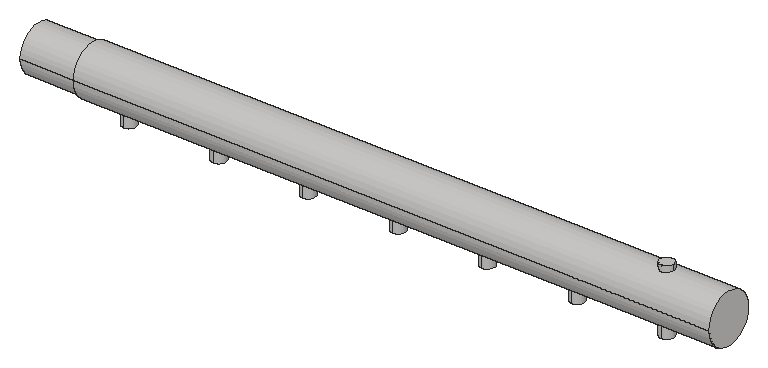
Revit family "BIMLIB_Коллектор_462_7_РОСТерм", category Оборудование, Revit 2017
Family settings
  Размер круглого соединителя = Использовать диаметр
  Тип детали = Нормальный
  На основе рабочей плоскости = Нет
  Всегда вертикально = Да
  При загрузке вырезать с полостями = Нет
  Общий = Нет
  Точка расчета площади = Нет
Parameters (values of type "Коллектор HEIZEN 462 Ду50 на 7 выходов")
  РТ_Шаг = 100 mm
  РТ_l = 100 mm  # constant formula
  РТ_R1 = РТ_R + 5 mm  # 32 mm
  РТ_R = 27 mm
  РТ_R_низ = РТ_DN_низ / 2  # 7.5 mm
  РТ_DN3 = 15 mm  # constant formula
  Описание = "Коллекторы Heizen изготовлены из высококачественной латуни и нержавеющей стали, что исключает риск протечек. Коллекторы могут быть оснащены различными видами арматуры: ручными балансировочными клапанами,ручными запорными клапанами, термостатическими клапанами, расходомерами, воздухоотводчиками и дренажными кранами."
  РТ_DN_низ = 15 mm  # constant formula
  РТ_DN_бок = 50 mm
  Изготовитель = "РОСТерм"  # constant formula
  URL = "http://rostherm.ru/"
  BL_Разработано = "support@bimlib.ru"  # constant formula
  BL_Email = "rostherm@bimlib.ru"  # constant formula
  BL_BIM library = "https://bimlib.pro/manufacturer/rosterm/1632/"
  ADSK_Расход жидкости [instance] = 0.0 L/s
  ADSK_Примечание = ""
  ADSK_Позиция = ""
  ADSK_Обозначение = "ГОСТ 12.2.063-2015"  # constant formula
  ADSK_Наименование краткое = "HEIZEN 462 Ду50"
  ADSK_Наименование = "Коллектор HEIZEN 462 для систем отопения, горячего и холодного водоснабжения сварной Ду50 на 7 выходов"
  ADSK_Материал = BIMLIB_Нержавеющая_сталь_РОСТерм
  ADSK_Масса_Текст = ""
  ADSK_Масса = 0
  ADSK_Марка = "HEIZEN 462"  # constant formula
  ADSK_Код изделия = "462-50-10-07"
  ADSK_Завод-изготовитель = "Heizen"  # constant formula
  ADSK_Единица измерения = "шт."  # constant formula
  ADSK_Версия Revit = "2017"  # constant formula
  ADSK_URL страницы изделия = "http://rostherm.ru/kollektory/"
  ADSK_URL документации изделия = "http://rostherm.ru/"
Types (4, lengths in mm): name | РТ_R1 | РТ_R | РТ_DN_бок | ADSK_Наименование краткое | ADSK_Наименование | ADSK_Код изделия
  Коллектор HEIZEN 462 Ду50 на 7 выходов | 32 | 27 | 50 | "HEIZEN 462 Ду50" | "Коллектор HEIZEN 462 для систем отопения, горячего и холодного водоснабжения сварной Ду50 на 7 выходов" | "462-50-10-07"
  Коллектор HEIZEN 462 Ду40 на 7 выходов | 27 | 22 | 40 | "HEIZEN 462 Ду40" | "Коллектор HEIZEN 462 для систем отопения, горячего и холодного водоснабжения сварной Ду40 на 7 выходов" | "462-40-10-07"
  Коллектор HEIZEN 462 Ду32 на 7 выходов | 23 | 18 | 32 | "HEIZEN 462 Ду32" | "Коллектор HEIZEN 462 для систем отопения, горячего и холодного водоснабжения сварной Ду32 на 7 выходов" | "462-32-10-07"
  Коллектор HEIZEN 462 Ду25 на 7 выходов | 20 | 15 | 25 | "HEIZEN 462 Ду25" | "Коллектор HEIZEN 462 для систем отопения, горячего и холодного водоснабжения сварной Ду25 на 7 выходов" | "462-25-10-07"
Reference planes
  plane 1 "По центру (Вперед/Назад)": y = 0
  plane 2: z = 0
  plane 3 "По центру (Влево/Вправо)": x = 0
  plane 4: x = 100
  plane 5: x = 1185
  plane 6: x = 60
  plane 7: z = 32
Forms (mm)
  Extrusion 1, solid, material "BIMLIB_Нержавеющая_сталь_РОСТерм" <- "ADSK_Материал", detail levels medium+fine
    sketch origin (65, 0, 0) x (0, 1, 0) y (0, 0, 1)
      loop
        circle (0, 0) r 27
    from -5 to 695
  Sweep 2, solid, material "BIMLIB_Нержавеющая_сталь_РОСТерм" <- "ADSK_Материал", detail levels medium+fine
    path origin (65, 0, 7.5) x (1, 0, 0) y (0, 0, 1)
      loop
        line (35, -7.5) -> (35, -47.5)
    profile origin (100, 0, -20) x (0, -1, 0) y (1, 0, 0)
      loop
        circle (0, 0) r 7.5
  Sweep 3, solid, material "BIMLIB_Нержавеющая_сталь_РОСТерм" <- "ADSK_Материал", detail levels medium+fine
    path origin (163.636, 0, 7.5) x (1, 0, 0) y (0, 0, 1)
      loop
        line (35, -7.5) -> (35, -47.5)
    profile origin (198.636, 0, -20) x (0, -1, 0) y (1, 0, 0)
      loop
        circle (0, 0) r 7.5
  Sweep 4, solid, material "BIMLIB_Нержавеющая_сталь_РОСТерм" <- "ADSK_Материал", detail levels medium+fine
    path origin (262.273, 0, 7.5) x (1, 0, 0) y (0, 0, 1)
      loop
        line (35, -7.5) -> (35, -47.5)
    profile origin (297.273, 0, -20) x (0, -1, 0) y (1, 0, 0)
      loop
        circle (0, 0) r 7.5
  Sweep 5, solid, material "BIMLIB_Нержавеющая_сталь_РОСТерм" <- "ADSK_Материал", detail levels medium+fine
    path origin (360.909, 0, 7.5) x (1, 0, 0) y (0, 0, 1)
      loop
        line (35, -7.5) -> (35, -47.5)
    profile origin (395.909, 0, -20) x (0, -1, 0) y (1, 0, 0)
      loop
        circle (0, 0) r 7.5
  Sweep 6, solid, material "BIMLIB_Нержавеющая_сталь_РОСТерм" <- "ADSK_Материал", detail levels medium+fine
    path origin (459.545, 0, 7.5) x (1, 0, 0) y (0, 0, 1)
      loop
        line (35, -7.5) -> (35, -47.5)
    profile origin (494.545, 0, -20) x (0, -1, 0) y (1, 0, 0)
      loop
        circle (0, 0) r 7.5
  Sweep 7, solid, material "BIMLIB_Нержавеющая_сталь_РОСТерм" <- "ADSK_Материал", detail levels medium+fine
    path origin (558.182, 0, 7.5) x (1, 0, 0) y (0, 0, 1)
      loop
        line (35, -7.5) -> (35, -47.5)
    profile origin (593.182, 0, -20) x (0, -1, 0) y (1, 0, 0)
      loop
        circle (0, 0) r 7.5
  Sweep 8, solid, material "BIMLIB_Нержавеющая_сталь_РОСТерм" <- "ADSK_Материал", detail levels medium+fine
    path origin (656.818, 0, 7.5) x (1, 0, 0) y (0, 0, 1)
      loop
        line (35, -7.5) -> (35, -47.5)
    profile origin (691.818, 0, -20) x (0, -1, 0) y (1, 0, 0)
      loop
        circle (0, 0) r 7.5
  Extrusion 9, solid, material "BIMLIB_Нержавеющая_сталь_РОСТерм" <- "ADSK_Материал", detail levels medium+fine
    sketch origin (50, 0, 0) x (0, 1, 0) y (0, 0, 1)
      loop
        circle (0, 0) r 25
    from -50 to 10
  Extrusion 10, solid, material "BIMLIB_Нержавеющая_сталь_РОСТерм" <- "ADSK_Материал", detail levels medium+fine
    sketch origin (-493.182, 0, 0) x (1, 0, 0) y (0, 1, 0)
      loop
        circle (1185, 0) r 7.5
    from 0 to 32
Lines and regions (mm)
  model lines, detail levels coarse
    curve 1: line (0, 0, 0) -> (760, 0, 0)
    curve 2: line (100, 0, 0) -> (100, 0, -40)
    curve 3: line (198.636, 0, 0) -> (198.636, 0, -40)
    curve 4: line (297.273, 0, 0) -> (297.273, 0, -40)
    curve 5: line (395.909, 0, 0) -> (395.909, 0, -40)
    curve 6: line (494.545, 0, 0) -> (494.545, 0, -40)
    curve 7: line (593.182, 0, 0) -> (593.182, 0, -40)
    curve 8: line (691.818, 0, 0) -> (691.818, 0, -40)
Dimensions and locks
  "РТ_l": plane 4 to plane 3 "По центру (Влево/Вправо)"
  Sweep 2 sketch curve to Sweep 2 sketch curve = 40 mm
  Sweep 3 sketch curve to Sweep 3 sketch curve = 40 mm
  Sweep 4 sketch curve to Sweep 4 sketch curve = 40 mm
  Sweep 5 sketch curve to Sweep 5 sketch curve = 40 mm
  Sweep 6 sketch curve to Sweep 6 sketch curve = 40 mm
  Sweep 7 sketch curve to Sweep 7 sketch curve = 40 mm
  Sweep 8 sketch curve to Sweep 8 sketch curve = 40 mm
  locked: plane 4 to plane 6 at 40
  "РТ_R1": plane 7 to level
  "РТ_R": radius of Extrusion 1 sketch curve
  "РТ_R_низ": radius of Sweep 2 sketch curve
  "РТ_R_низ": radius of Sweep 3 sketch curve
  "РТ_R_низ": radius of Sweep 4 sketch curve
  "РТ_R_низ": radius of Sweep 5 sketch curve
  "РТ_R_низ": radius of Sweep 6 sketch curve
  "РТ_R_низ": radius of Sweep 7 sketch curve
  "РТ_R_низ": radius of Sweep 8 sketch curve
  "РТ_DN_бок": diameter of Extrusion 9 sketch curve
  "РТ_DN_низ": diameter of Extrusion 10 sketch curve
  aligned and locked: level to plane 2
  aligned and locked: Extrusion 1 to plane 6
  aligned and locked: Extrusion 9 to plane 3 "По центру (Влево/Вправо)"
  aligned and locked: Extrusion 9 to Extrusion 1
  aligned and locked: plane 7 to Extrusion 10
  aligned and locked: curve 1 to Extrusion 1
Automatic sketch dimensions
  Sweep 2 sketch curve to profile plane = 0 mm
  profile plane to Sweep 2 sketch curve = 0 mm
  Sweep 3 sketch curve to profile plane = 0 mm
  profile plane to Sweep 3 sketch curve = 0 mm
  Sweep 4 sketch curve to profile plane = 0 mm
  profile plane to Sweep 4 sketch curve = 0 mm
  Sweep 5 sketch curve to profile plane = 0 mm
  profile plane to Sweep 5 sketch curve = 0 mm
  Sweep 6 sketch curve to profile plane = 0 mm
  profile plane to Sweep 6 sketch curve = 0 mm
  Sweep 7 sketch curve to profile plane = 0 mm
  profile plane to Sweep 7 sketch curve = 0 mm
  Sweep 8 sketch curve to profile plane = 0 mm
  profile plane to Sweep 8 sketch curve = 0 mm
  Extrusion 1 sketch curve to level = 0 mm
  Extrusion 1 sketch curve to plane 1 "По центру (Вперед/Назад)" = 0 mm
  curve 1 to plane 3 "По центру (Влево/Вправо)" = 0 mm
  curve 2 to plane 4 = 0 mm
  curve 2 to curve 3 = 98.636 mm
  curve 3 to curve 4 = 98.636 mm
  curve 5 to level = 40 mm
  curve 4 to curve 5 = 98.636 mm
  curve 5 to curve 6 = 98.636 mm
  curve 6 to curve 7 = 98.636 mm
  curve 7 to curve 8 = 98.636 mm
  curve 8 to curve 1 = 68.182 mm
  curve 7 to curve 7 = 40 mm
  curve 3 to curve 3 = 40 mm
  curve 4 to curve 4 = 40 mm
  curve 2 to curve 2 = 40 mm
  curve 6 to curve 6 = 40 mm
  curve 8 to curve 8 = 40 mm
  plane 1 "По центру (Вперед/Назад)" to Extrusion 10 sketch curve = 0 mm
  Extrusion 10 sketch curve to plane 5 = 493.182 mm
  Extrusion 9 sketch curve to level = 0 mm
  Extrusion 9 sketch curve to plane 1 "По центру (Вперед/Назад)" = 0 mm
Connectors
  piping at (100, 0, -40), diameter 15, driven by "РТ_DN_низ", driven by "ADSK_Расход жидкости"
    settings: on Sweep 2, index 3, connector inside diameter 609.6 mm, connector length 0 mm, flow factor 0, pipe flow 0.0 L/s, pressure drop 0.0 Pa, fitting loss kfactor 0, connector angle 0.00°, fixture units 0, engagement length 0 mm, angle of deflection 0.00°, flow configuration 0, flow direction 2, fitting loss method 0, system type 7, joint type 0, gender type 0, connector reference index -1, connector utility 0, adjustable connector no, is connector primary yes, connector description ""
  piping at (198.636, 0, -40), diameter 15, driven by "РТ_DN_низ", driven by "ADSK_Расход жидкости"
    settings: on Sweep 3, index 4, connector inside diameter 609.6 mm, connector length 0 mm, flow factor 0, pipe flow 0.0 L/s, pressure drop 0.0 Pa, fitting loss kfactor 0, connector angle 0.00°, fixture units 0, engagement length 0 mm, angle of deflection 0.00°, flow configuration 0, flow direction 2, fitting loss method 0, system type 7, joint type 0, gender type 0, connector reference index -1, connector utility 0, adjustable connector no, is connector primary no, connector description ""
  piping at (297.273, 0, -40), diameter 15, driven by "РТ_DN_низ", driven by "ADSK_Расход жидкости"
    settings: on Sweep 4, index 5, connector inside diameter 609.6 mm, connector length 0 mm, flow factor 0, pipe flow 0.0 L/s, pressure drop 0.0 Pa, fitting loss kfactor 0, connector angle 0.00°, fixture units 0, engagement length 0 mm, angle of deflection 0.00°, flow configuration 0, flow direction 2, fitting loss method 0, system type 7, joint type 0, gender type 0, connector reference index -1, connector utility 0, adjustable connector no, is connector primary no, connector description ""
  piping at (395.909, 0, -40), diameter 15, driven by "РТ_DN_низ", driven by "ADSK_Расход жидкости"
    settings: on Sweep 5, index 6, connector inside diameter 609.6 mm, connector length 0 mm, flow factor 0, pipe flow 0.0 L/s, pressure drop 0.0 Pa, fitting loss kfactor 0, connector angle 0.00°, fixture units 0, engagement length 0 mm, angle of deflection 0.00°, flow configuration 0, flow direction 2, fitting loss method 0, system type 7, joint type 0, gender type 0, connector reference index -1, connector utility 0, adjustable connector no, is connector primary no, connector description ""
  piping at (494.545, 0, -40), diameter 15, driven by "РТ_DN_низ", driven by "ADSK_Расход жидкости"
    settings: on Sweep 6, index 27, connector inside diameter 609.6 mm, connector length 0 mm, flow factor 0, pipe flow 0.0 L/s, pressure drop 0.0 Pa, fitting loss kfactor 0, connector angle 0.00°, fixture units 0, engagement length 0 mm, angle of deflection 0.00°, flow configuration 0, flow direction 2, fitting loss method 0, system type 7, joint type 0, gender type 0, connector reference index -1, connector utility 0, adjustable connector no, is connector primary no, connector description ""
  piping at (593.182, 0, -40), diameter 15, driven by "РТ_DN_низ", driven by "ADSK_Расход жидкости"
    settings: on Sweep 7, index 29, connector inside diameter 609.6 mm, connector length 0 mm, flow factor 0, pipe flow 0.0 L/s, pressure drop 0.0 Pa, fitting loss kfactor 0, connector angle 0.00°, fixture units 0, engagement length 0 mm, angle of deflection 0.00°, flow configuration 0, flow direction 2, fitting loss method 0, system type 7, joint type 0, gender type 0, connector reference index -1, connector utility 0, adjustable connector no, is connector primary no, connector description ""
  piping at (691.818, 0, -40), diameter 15, driven by "РТ_DN_низ", driven by "ADSK_Расход жидкости"
    settings: on Sweep 8, index 31, connector inside diameter 609.6 mm, connector length 0 mm, flow factor 0, pipe flow 0.0 L/s, pressure drop 0.0 Pa, fitting loss kfactor 0, connector angle 0.00°, fixture units 0, engagement length 0 mm, angle of deflection 0.00°, flow configuration 0, flow direction 2, fitting loss method 0, system type 7, joint type 0, gender type 0, connector reference index -1, connector utility 0, adjustable connector no, is connector primary no, connector description ""
  piping at (0, 0, 0), diameter 50, driven by "РТ_DN_бок", driven by "ADSK_Расход жидкости"
    settings: on Extrusion 9, index 38, connector inside diameter 609.6 mm, connector length 0 mm, flow factor 0, pipe flow 0.0 L/s, pressure drop 0.0 Pa, fitting loss kfactor 0, connector angle 0.00°, fixture units 0, engagement length 0 mm, angle of deflection 0.00°, flow configuration 0, flow direction 1, fitting loss method 0, system type 7, joint type 0, gender type 0, connector reference index -1, connector utility 0, adjustable connector no, is connector primary no, connector description ""
  piping at (691.818, 0, 32), diameter 15, driven by "РТ_DN3", driven by "ADSK_Расход жидкости"
    settings: on Extrusion 10, index 39, connector inside diameter 609.6 mm, connector length 0 mm, flow factor 0, pipe flow 0.0 L/s, pressure drop 0.0 Pa, fitting loss kfactor 0, connector angle 0.00°, fixture units 0, engagement length 0 mm, angle of deflection 0.00°, flow configuration 0, flow direction 0, fitting loss method 0, system type 29, joint type 0, gender type 0, connector reference index -1, connector utility 0, adjustable connector no, is connector primary no, connector description ""
